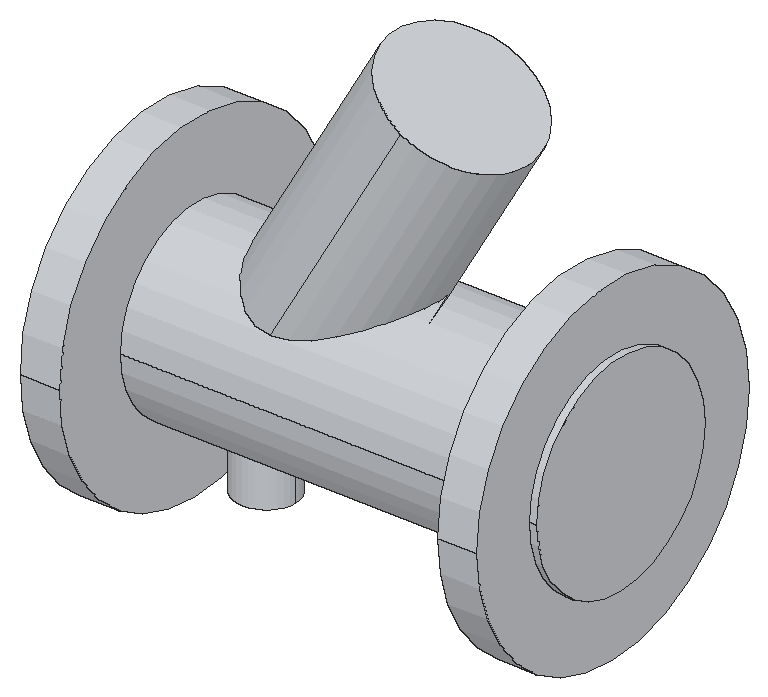
Revit family "HS 821-síto_standard-PN40-DN050-RFA_2019", category Pipe Accessories, Revit 2019
Family settings
  Round Connector Dimension = Use Diameter
  Part Type = Breaks Into
  Work Plane-Based = No
  Always vertical = Yes
  Cut with Voids When Loaded = No
  Shared = No
Parameters (values of type "821F-DN050-PN40-síto_standard")
  magiProductId = "c451f97266fe48da8f879cb6a2bd44"
  magiProductFamilyId = "79214ac3aaa945e397802f559f5c1e"
  magiPartTypeId = 307
  isMeasuringValve [instance] = no
  ang2D [instance] = 0.00°
  ZB__ve = -ZB  # -26.75 mm
  ZB1 = 41.31 mm
  ZB = 26.75 mm
  X2 = 79.061 mm
  X1 = 32.2 mm
  W2D = 15 mm
  VersionID = "2.0/2017.9.26.1/ZETKAMA_821_001"
  Use Minimum Symbol Size [instance] = yes
  URL = "www.hydronic.cz"
  Type Comments = "Filtr přírubový; síto standardní; A-PN16 (-10~300°C); D-PN25 (-10~350°C); F-PN40 (-10~400°C)"
  S = 102 mm
  QmdConnectorList = "301;D;302;D"
  Productdata [instance] = ""
  Manufacturer = "Hydronic Systems Prague s.r.o."
  MC Product Code = "240 650 (821F; DN050; PN40; kvs57,9; oko síta 1,00mm)"
  LM1 = 18.4 mm
  LM = 184 mm
  L4 = 57.5 mm
  L2D_Min = 3048 mm
  L2D = 130 mm
  L2 = 115 mm
  HH2 = 136.938 mm
  FD = 165 mm
  Description = "Filtr přírubový; síto standardní; 821A-PN16; 821D-PN25; 821F-PN40"
  DM1 = 73.8 mm
  DM = 91.8 mm
  D = 50 mm
  CC = 3.91 mm
  CAT0 = yes
  C1 = 19.09 mm
  C = 23 mm
  BD = 28.917 mm
Types (40, lengths in mm): name | magiProductId | ZB__ve | ZB1 | ZB | X2 | X1 | S | MC Product Code | LM1 | LM | L4 | L2 | HH2 | FD | DM1 | DM | D | CC | C1 | C | BD
  821A-DN015-PN16-síto_standard | "a71bcfe8b393460598b23e8ddf7dc5" | -16.25 | 18.63 | 16.25 | 46.982 | 18.2 | 46 | "200 115 (821A; DN015; PN16; kvs6,3; oko síta 1,00mm)" | 10.4 | 104 | 32.5 | 65 | 81.375 | 95 | 27.6 | 41.4 | 15 | 2.21 | 10.79 | 13 | 13.041
  821A-DN020-PN16-síto_standard | "41cd6c7a12924f4991217528336076" | -17.75 | 22.68 | 17.75 | 51.673 | 21 | 56 | "200 120 (821A; DN020; PN16; kvs11,2; oko síta 1,00mm)" | 12 | 120 | 37.5 | 75 | 89.5 | 105 | 33.6 | 50.4 | 20 | 2.55 | 12.45 | 15 | 15.876
  821A-DN025-PN16-síto_standard | "be378b463ed14c3abf4c9b3ae8cf3a" | -19.25 | 26.325 | 19.25 | 58.601 | 22.4 | 65 | "200 125 (821A; DN025; PN16; kvs14,7; oko síta 1,00mm)" | 12.8 | 128 | 40 | 80 | 101.5 | 115 | 43.2 | 58.5 | 25 | 2.72 | 13.28 | 16 | 18.427
  821A-DN032-PN16-síto_standard | "227a0d18b21540afabe8b6067d35fa" | -23 | 30.78 | 23 | 68.849 | 25.2 | 76 | "200 132 (821A; DN032; PN16; kvs23,7; oko síta 1,00mm)" | 14.4 | 144 | 45 | 90 | 119.25 | 140 | 50.4 | 68.4 | 32 | 3.06 | 14.94 | 18 | 21.546
  821A-DN040-PN16-síto_standard | "d106917c74724141a10440112d0102" | -24.5 | 34.02 | 24.5 | 75.777 | 28 | 84 | "200 140 (821A; DN040; PN16; kvs37,7; oko síta 1,00mm)" | 16 | 160 | 50 | 100 | 131.25 | 150 | 60 | 75.6 | 40 | 3.4 | 16.6 | 20 | 23.814
  821A-DN050-PN16-síto_standard | "8255d456a09e4f6486734f5dd9171b" | -26.75 | 40.095 | 26.75 | 79.061 | 32.2 | 99 | "200 150 (821A; DN050 PN16; kvs57,9; oko síta 1,00mm)" | 18.4 | 184 | 57.5 | 115 | 136.938 | 165 | 73.8 | 89.1 | 50 | 3.91 | 19.09 | 23 | 28.066
  821A-DN065-PN16-síto_standard | "235b1b3e4c0843779a4d5e3716d40a" | -29.75 | 47.79 | 29.75 | 86.927 | 40.6 | 118 | "200 165 (821A; DN065; PN16; kvs101,5; oko síta 1,25mm)" | 23.2 | 232 | 72.5 | 145 | 150.562 | 185 | 94.2 | 106.2 | 65 | 4.93 | 24.07 | 29 | 33.453
  821A-DN080-PN16-síto_standard | "a067f7c5236348ed8c820d16df7214" | -32 | 53.46 | 32 | 104.753 | 43.4 | 132 | "200 180 (821A; DN080; PN16; kvs147,4; oko síta 1,25mm)" | 24.8 | 248 | 77.5 | 155 | 181.438 | 200 | 107.4 | 118.8 | 80 | 5.27 | 25.73 | 31 | 37.422
  821A-DN100-PN16-síto_standard | "c49a648c2747461285837d643703cd" | -35 | 63.18 | 35 | 114.857 | 49 | 156 | "200 190 (821A; DN100; PN16; kvs209,6; oko síta 1,60mm)" | 28 | 280 | 87.5 | 175 | 198.937 | 220 | 131.4 | 140.4 | 100 | 5.95 | 29.05 | 35 | 44.226
  821A-DN125-PN16-síto_standard | "bf68e728a163493cbd2a663b26ebdc" | -39.5 | 74.52 | 39.5 | 131.888 | 56 | 184 | "200 191 (821A; DN125; PN16; kvs326,2; oko síta 1,60mm)" | 32 | 320 | 100 | 200 | 228.438 | 250 | 165 | 165.6 | 125 | 6.8 | 33.2 | 40 | 52.164
  821A-DN150-PN16-síto_standard | "2de770284b654863ae6bc865769dc5" | -44.75 | 85.455 | 44.75 | 155.885 | 67.2 | 211 | "200 192 (821A; DN150; PN16; kvs403; oko síta 1,60mm)" | 38.4 | 384 | 120 | 240 | 270 | 285 | 192 | 189.9 | 150 | 8.16 | 39.84 | 48 | 59.818
  821A-DN200-PN16-síto_standard | "8e5693371ab64aabb29a7f08c76e15" | -53 | 107.73 | 53 | 188.361 | 84 | 266 | "200 193 (821A; DN200; PN16; kvs707; oko síta 1,60mm)" | 48 | 480 | 150 | 300 | 326.25 | 340 | 252 | 239.4 | 200 | 10.2 | 49.8 | 60 | 75.411
  821A-DN250-PN16-síto_standard | "05e37ed948c34047acdd4c42556504" | -62.75 | 129.195 | 62.75 | 255.911 | 102.2 | 319 | "200 194 (821A; DN250; PN16; kvs1234; oko síta 1,60mm)" | 58.4 | 584 | 182.5 | 365 | 443.25 | 405 | 309.6 | 287.1 | 250 | 12.41 | 60.59 | 73 | 90.436
  821A-DN300-PN16-síto_standard | "9ad0af747269428da925480d83ce80" | -71 | 149.85 | 71 | 325.914 | 119 | 370 | "200 195 (821A; DN300; PN16; kvs1916; oko síta 1,60mm)" | 68 | 680 | 212.5 | 425 | 564.5 | 460 | 369.6 | 333 | 300 | 14.45 | 70.55 | 85 | 104.895
  821A-DN350-PN16-síto_standard | "eebc71459bb3451bb4355e7951370a" | -80 | 173.745 | 80 | 356.875 | 137.2 | 429 | "200 196 (821A; DN350; PN16; kvs2621; oko síta 1,60mm)" | 78.4 | 784 | 245 | 490 | 618.125 | 520 | 438 | 386.1 | 350 | 16.66 | 81.34 | 98 | 121.621
  821A-DN400-PN16-síto_standard | "d2f677cb196647e385b2590e7d8abe" | -89 | 194.4 | 89 | 392.237 | 154 | 480 | "200 197 (821A; DN400; PN16; kvs3460; oko síta 1,60mm)" | 88 | 880 | 275 | 550 | 679.375 | 580 | 498 | 432 | 400 | 18.7 | 91.3 | 110 | 136.08
  821D-DN015-PN25-síto_standard | "27ddcbf555414f8ca1fde329bf9087" | -16.25 | 18.63 | 16.25 | 46.982 | 18.2 | 46 | "200 215 (821D; DN015; PN25; kvs6,3; oko síta 1,00mm)" | 10.4 | 104 | 32.5 | 65 | 81.375 | 95 | 27.6 | 41.4 | 15 | 2.21 | 10.79 | 13 | 13.041
  821D-DN020-PN25-síto_standard | "270e0f14012f47189cd0235c18faee" | -17.75 | 22.68 | 17.75 | 51.673 | 21 | 56 | "200 220 (821D; DN020; PN25; kvs11,2; oko síta 1,00mm)" | 12 | 120 | 37.5 | 75 | 89.5 | 105 | 33.6 | 50.4 | 20 | 2.55 | 12.45 | 15 | 15.876
  821D-DN025-PN25-síto_standard | "b9a7fb4aa36643878c637d8e1ab992" | -19.25 | 26.325 | 19.25 | 58.601 | 22.4 | 65 | "200 225 (821D; DN025; PN25; kvs14,7; oko síta 1,00mm)" | 12.8 | 128 | 40 | 80 | 101.5 | 115 | 43.2 | 58.5 | 25 | 2.72 | 13.28 | 16 | 18.427
  821D-DN032-PN25-síto_standard | "6be9a55c4e68400f94eec7e804204c" | -23 | 30.78 | 23 | 68.849 | 25.2 | 76 | "200 232 (821D; DN032; PN25; kvs23,7; oko síta 1,00mm)" | 14.4 | 144 | 45 | 90 | 119.25 | 140 | 50.4 | 68.4 | 32 | 3.06 | 14.94 | 18 | 21.546
  821D-DN040-PN25-síto_standard | "c54511bd7f584ec2984291479612cb" | -24.5 | 34.02 | 24.5 | 75.777 | 28 | 84 | "200 240 (821D; DN040; PN25; kvs37,7; oko síta 1,00mm)" | 16 | 160 | 50 | 100 | 131.25 | 150 | 60 | 75.6 | 40 | 3.4 | 16.6 | 20 | 23.814
  821D-DN050-PN25-síto_standard | "5483b1f596b04cd39b23a14a22c90e" | -26.75 | 40.095 | 26.75 | 79.061 | 32.2 | 99 | "200 250 (821D; DN050; PN25; kvs57,9; oko síta 1,00mm)" | 18.4 | 184 | 57.5 | 115 | 136.938 | 165 | 73.8 | 89.1 | 50 | 3.91 | 19.09 | 23 | 28.066
  821D-DN065-PN25-síto_standard | "767b0f8318e94750bc7a9930ed5b30" | -29.75 | 47.79 | 29.75 | 86.927 | 40.6 | 118 | "200 265 (821D; DN065; PN25; kvs101,5; oko síta 1,25mm)" | 23.2 | 232 | 72.5 | 145 | 150.562 | 185 | 94.2 | 106.2 | 65 | 4.93 | 24.07 | 29 | 33.453
  821D-DN080-PN25-síto_standard | "e21040fa3cc2404b858198f6b73709" | -32 | 53.46 | 32 | 104.753 | 43.4 | 132 | "200 280 (821D; DN080; PN25; kvs147,4; oko síta 1,25mm)" | 24.8 | 248 | 77.5 | 155 | 181.438 | 200 | 107.4 | 118.8 | 80 | 5.27 | 25.73 | 31 | 37.422
  821D-DN100-PN25-síto_standard | "175ca87a506b40b3bc6b82f12f33cf" | -37.25 | 63.18 | 37.25 | 114.857 | 49 | 156 | "200 290 (821D; DN100; PN25; kvs209,6; oko síta 1,60mm)" | 28 | 280 | 87.5 | 175 | 198.937 | 235 | 131.4 | 140.4 | 100 | 5.95 | 29.05 | 35 | 44.226
  821D-DN125-PN25-síto_standard | "77cc98d60da24855999a22dff726b2" | -42.5 | 74.52 | 42.5 | 131.888 | 56 | 184 | "200 291 (821D; DN125; PN25; kvs326,2; oko síta 1,60mm)" | 32 | 320 | 100 | 200 | 228.438 | 270 | 165 | 165.6 | 125 | 6.8 | 33.2 | 40 | 52.164
  821D-DN150-PN25-síto_standard | "9cf8acfcd15547d68e83172d3abcbe" | -47 | 85.455 | 47 | 155.885 | 67.2 | 211 | "200 292 (821D; DN150; PN25; kvs403; oko síta 1,60mm)" | 38.4 | 384 | 120 | 240 | 270 | 300 | 192 | 189.9 | 150 | 8.16 | 39.84 | 48 | 59.818
  821D-DN200-PN25-síto_standard | "16973f3c9ea14389ba8602495a6b64" | -56 | 110.97 | 56 | 188.361 | 84 | 274 | "200 293 (821D; DN200; PN25; kvs707; oko síta 1,60mm)" | 48 | 480 | 150 | 300 | 326.25 | 360 | 252 | 246.6 | 200 | 10.2 | 49.8 | 60 | 77.679
  821F-DN015-PN40-síto_standard | "4c7eaf3c4c0340888b3e684d8a8616" | -16.25 | 18.225 | 16.25 | 46.982 | 18.2 | 45 | "240 615 (821F; DN015; PN40; kvs6,3; oko síta 1,00mm)" | 10.4 | 104 | 32.5 | 65 | 81.375 | 95 | 27.6 | 40.5 | 15 | 2.21 | 10.79 | 13 | 12.757
  821F-DN020-PN40-síto_standard | "aaac5f1ec96b44d6ba96ac2293d66d" | -17.75 | 23.49 | 17.75 | 51.673 | 21 | 58 | "240 620 (821F; DN020; PN40; kvs11,2; oko síta 1,00mm)" | 12 | 120 | 37.5 | 75 | 89.5 | 105 | 33.6 | 52.2 | 20 | 2.55 | 12.45 | 15 | 16.443
  821F-DN025-PN40-síto_standard | "504768023968471481789485b54c7e" | -19.25 | 27.54 | 19.25 | 58.601 | 22.4 | 68 | "240 625 (821F; DN025; PN40; kvs14,7; oko síta 1,00mm)" | 12.8 | 128 | 40 | 80 | 101.5 | 115 | 43.2 | 61.2 | 25 | 2.72 | 13.28 | 16 | 19.278
  821F-DN032-PN40-síto_standard | "165e7f39cf744f329bdf1c400dad12" | -23 | 31.59 | 23 | 68.849 | 25.2 | 78 | "240 632 (821F; DN032; PN40; kvs23,7; oko síta 1,00mm)" | 14.4 | 144 | 45 | 90 | 119.25 | 140 | 50.4 | 70.2 | 32 | 3.06 | 14.94 | 18 | 22.113
  821F-DN040-PN40-síto_standard | "b8903f952089408fbf3a5a632bab1f" | -24.5 | 35.64 | 24.5 | 75.777 | 28 | 88 | "240 640 (821F; DN040; PN40; kvs37,7; oko síta 1,00mm)" | 16 | 160 | 50 | 100 | 131.25 | 150 | 60 | 79.2 | 40 | 3.4 | 16.6 | 20 | 24.948
  821F-DN050-PN40-síto_standard | "c451f97266fe48da8f879cb6a2bd44" | -26.75 | 41.31 | 26.75 | 79.061 | 32.2 | 102 | "240 650 (821F; DN050; PN40; kvs57,9; oko síta 1,00mm)" | 18.4 | 184 | 57.5 | 115 | 136.938 | 165 | 73.8 | 91.8 | 50 | 3.91 | 19.09 | 23 | 28.917
  821F-DN065-PN40-síto_standard | "dc9821e3f9b34e128f6a8c6b34c198" | -29.75 | 49.41 | 29.75 | 86.927 | 40.6 | 122 | "240 665 (821F; DN065; PN40; kvs101,5; oko síta 1,25mm)" | 23.2 | 232 | 72.5 | 145 | 150.562 | 185 | 94.2 | 109.8 | 65 | 4.93 | 24.07 | 29 | 34.587
  821F-DN080-PN40-síto_standard | "689aa1e260f84cf4994f027a1d86b5" | -32 | 55.89 | 32 | 104.753 | 43.4 | 138 | "240 680 (821F; DN080; PN40; kvs147,4; oko síta 1,25mm)" | 24.8 | 248 | 77.5 | 155 | 181.438 | 200 | 107.4 | 124.2 | 80 | 5.27 | 25.73 | 31 | 39.123
  821F-DN100-PN40-síto_standard | "8a45d4e8e2ab425f8c432f21d684f3" | -37.25 | 65.61 | 37.25 | 114.857 | 49 | 162 | "240 690 (821F; DN100; PN40; kvs209,6; oko síta 1,6mm)" | 28 | 280 | 87.5 | 175 | 198.937 | 235 | 131.4 | 145.8 | 100 | 5.95 | 29.05 | 35 | 45.927
  821F-DN125-PN40-síto_standard | "cf073904c006406b8645afa67ea2fc" | -42.5 | 76.14 | 42.5 | 131.888 | 56 | 188 | "240 691 (821F; DN125; PN40; kvs326,2; oko síta 1,6mm)" | 32 | 320 | 100 | 200 | 228.438 | 270 | 165 | 169.2 | 125 | 6.8 | 33.2 | 40 | 53.298
  821F-DN150-PN40-síto_standard | "0153b9ddabe14992a630484929fdbc" | -47 | 88.29 | 47 | 155.885 | 67.2 | 218 | "240 692 (821F; DN150; PN40; kvs403; oko síta 1,6mm)" | 38.4 | 384 | 120 | 240 | 270 | 300 | 192 | 196.2 | 150 | 8.16 | 39.84 | 48 | 61.803
  821F-DN200-PN40-síto_standard | "7fb3fc01dd8d42428c203e3f8dd4d5" | -56 | 115.425 | 56 | 188.361 | 84 | 285 | "240 693 (821F; DN200; PN40; kvs707; oko síta 1,6mm)" | 48 | 480 | 150 | 300 | 326.25 | 360 | 252 | 256.5 | 200 | 10.2 | 49.8 | 60 | 80.797
Reference planes
  plane 1 "Center (Front/Back)": y = 0
  plane 2 "XYPLANE": z = 0
  plane 3 "Center (Left/Right)": x = 0
  plane 4 "109": x = -73.6
  plane 5 "108": x = 92
  plane 6 "107": x = -92
  plane 7 "105": x = 115
  plane 8 "104": x = -115
  plane 9 "103": y = 0
  plane 10 "102": z = 0
  plane 11 "101": x = -111.09
  plane 12 "100": x = 111.09
  plane 13 "11": x = -41.4
  plane 14 "10": z = 136.938
  plane 15 "9": x = 37.661
  plane 16 "5": z = -41.31
  plane 17 "4": x = -57.5
  plane 18 "1": x = 57.5
Forms (mm)
  Extrusion 1, solid, visible <- "CAT0"
    sketch origin (-92, -750, 0) x (0, 1, 0) y (0, 0, 1)
      loop
        circle (750, 0) r 45.9
    from 0 to 184 <- "LM"
  Extrusion 2, solid
    sketch origin (-115, -750, 0) x (0, 1, 0) y (0, 0, 1)
      loop
        circle (750, 0) r 51
    from 0 to 3.91 <- "CC"
  Extrusion 3, solid
    sketch origin (-111.09, -750, 0) x (0, 1, 0) y (0, 0, 1)
      loop
        circle (750, 0) r 82.5
    from 0 to 19.09 <- "C1"
  Extrusion 4, solid
    sketch origin (92, -750, 0) x (0, 1, 0) y (0, 0, 1)
      loop
        circle (750, 0) r 82.5
    from 0 to 19.09 <- "C1"
  Extrusion 5, solid
    sketch origin (111.09, -750, 0) x (0, 1, 0) y (0, 0, 1)
      loop
        circle (750, 0) r 51
    from 0 to 3.91 <- "CC"
  Sweep 6, solid, visible <- "CAT0"
    path origin (750, 0, 0) x (-1, 0, 0) y (0, 0, 1)
      loop
        line (842, 0) -> (791.4, 0) -> (712.339, 136.938)
    profile origin (-92, 0, 0) x (0, 0, -1) y (0, 1, 0)
      loop
        circle (0, 0) r 36.9
  Extrusion 7, solid, visible <- "CAT0"
    sketch origin (-750, 0, -41.31) x (1, 0, 0) y (0, 1, 0)
      loop
        circle (692.5, 0) r 14.458
    from 0 to -26.75 <- "ZB__ve"
  Extrusion 8, solid, visible <- "CAT0"
    sketch origin (-750, 0, -41.31) x (1, 0, 0) y (0, 1, 0)
      loop
        circle (807.5, 0) r 14.458
    from 0 to -26.75 <- "ZB__ve"
  Extrusion 9, solid, not visible
    sketch origin (115, -750, 0) x (0, 1, 0) y (0, 0, 1)
      loop
        circle (750, 0) r 10
    from 0 to -10
  Extrusion 10, solid, not visible
    sketch origin (-115, -750, 0) x (0, 1, 0) y (0, 0, 1)
      loop
        circle (750, 0) r 10
    from 0 to 10
Lines and regions (mm)
  reference lines, not visible
    curve 1: circle (2, 2, 0) r 1 normal (0, 0, 1)
Dimensions and locks
  plane 1 "Center (Front/Back)" to curve 1 = 2 mm
  "LM1": plane 6 "107" to plane 4 "109"
  "LM": plane 6 "107" to plane 5 "108"
  "C": plane 8 "104" to plane 6 "107"
  "L2": plane 3 "Center (Left/Right)" to plane 7 "105"
  "L2": plane 3 "Center (Left/Right)" to plane 8 "104"
  locked: plane 1 "Center (Front/Back)" to plane 9 "103"
  locked: plane 2 "XYPLANE" to plane 10 "102"
  "CC": plane 8 "104" to plane 11 "101"
  "C1": plane 5 "108" to plane 12 "100"
  "X1": plane 4 "109" to plane 13 "11"
  "HH2": plane 2 "XYPLANE" to plane 14 "10"
  "X2": plane 13 "11" to plane 15 "9"
  "ZB1": plane 2 "XYPLANE" to plane 16 "5"
  "L4": plane 8 "104" to plane 17 "4"
  "L2": plane 17 "4" to plane 18 "1"
  Sweep 6 sketch curve to Sweep 6 sketch curve = 0 mm  (x2)
  "DM": diameter of Extrusion 1 sketch curve
  "S": diameter of Extrusion 2 sketch curve
  "FD": diameter of Extrusion 3 sketch curve
  "FD": diameter of Extrusion 4 sketch curve
  "S": diameter of Extrusion 5 sketch curve
  "DM1": diameter of Sweep 6 sketch curve
  "BD": diameter of Extrusion 7 sketch curve
  "BD": diameter of Extrusion 8 sketch curve
  aligned and locked: level to plane 2 "XYPLANE"
  aligned and locked: Extrusion 1 sketch curve to plane 9 "103"
  aligned and locked: plane 10 "102" to Extrusion 1 sketch curve
  aligned and locked: Extrusion 2 sketch curve to plane 9 "103"
  aligned and locked: plane 10 "102" to Extrusion 2 sketch curve
  aligned and locked: Extrusion 3 sketch curve to plane 9 "103"
  aligned and locked: plane 10 "102" to Extrusion 3 sketch curve
  aligned and locked: Extrusion 4 sketch curve to plane 9 "103"
  aligned and locked: plane 10 "102" to Extrusion 4 sketch curve
  aligned and locked: Extrusion 5 sketch curve to plane 9 "103"
  aligned and locked: plane 10 "102" to Extrusion 5 sketch curve
  aligned and locked: Sweep 6 sketch curve to plane 9 "103"
  aligned and locked: plane 10 "102" to Sweep 6 sketch curve  (x3)
  aligned and locked: plane 6 "107" to Sweep 6 sketch curve
  aligned and locked: plane 13 "11" to Sweep 6 sketch curve
  aligned and locked: plane 14 "10" to Sweep 6 sketch curve
  aligned and locked: plane 15 "9" to Sweep 6 sketch curve
  aligned and locked: plane 9 "103" to Extrusion 7 sketch curve
  aligned and locked: plane 17 "4" to Extrusion 7 sketch curve
  aligned and locked: plane 9 "103" to Extrusion 8 sketch curve
  aligned and locked: plane 18 "1" to Extrusion 8 sketch curve
  aligned and locked: Extrusion 9 sketch curve to plane 9 "103"
  aligned and locked: plane 10 "102" to Extrusion 9 sketch curve
  aligned and locked: Extrusion 10 sketch curve to plane 9 "103"
  aligned and locked: plane 10 "102" to Extrusion 10 sketch curve
Automatic sketch dimensions
  plane 1 "Center (Front/Back)" to Extrusion 9 sketch curve = 10 mm
  plane 1 "Center (Front/Back)" to Extrusion 10 sketch curve = 10 mm
  plane 3 "Center (Left/Right)" to curve 1 = 2 mm
  radius of curve 1 = 1 mm
Connectors
  piping at (-115, 0, 0), diameter 50, driven by "D"
    settings: on Extrusion 10, index 1, connector inside diameter 609.6 mm, connector length 0 mm, flow factor 0, pipe flow 0.0 L/s, pressure drop 0.0 Pa, fitting loss kfactor 0, connector angle 0.00°, fixture units 0, engagement length 0 mm, angle of deflection 0.00°, flow configuration 0, flow direction 0, fitting loss method 0, system type 29, joint type 0, gender type 0, connector reference index 2, connector utility 0, adjustable connector no, is connector primary yes, connector description ""
  piping at (115, 0, 0), diameter 50, driven by "D"
    settings: on Extrusion 9, index 2, connector inside diameter 609.6 mm, connector length 0 mm, flow factor 0, pipe flow 0.0 L/s, pressure drop 0.0 Pa, fitting loss kfactor 0, connector angle 0.00°, fixture units 0, engagement length 0 mm, angle of deflection 0.00°, flow configuration 0, flow direction 0, fitting loss method 0, system type 29, joint type 0, gender type 0, connector reference index 1, connector utility 0, adjustable connector no, is connector primary no, connector description ""
